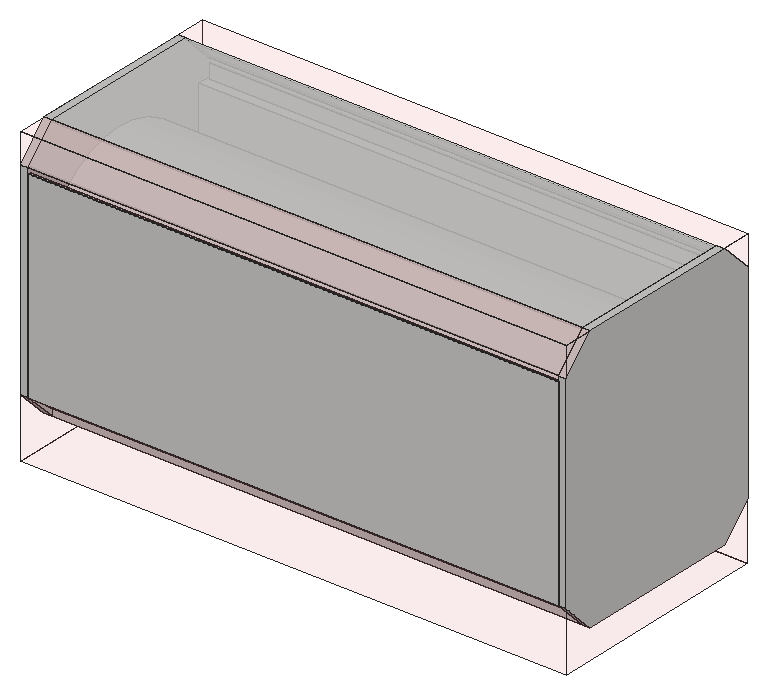
Revit family "Air-Curtain_Customer-Entry_PoweredAire_CED", category Mechanical Equipment, host Face, Revit 2020
Family settings
  Host = Face
  Round Connector Dimension = Use Diameter
  Part Type = Normal
  OmniClass Number = 23.75.35.17.21
  OmniClass Title = Air Curtains
  Cut with Voids When Loaded = No
  Shared = No
  Room Calculation Point = No
Parameters
  Warranty Duration (Years) = 0
  Unit Width Notes = "Other Widths available."  # constant formula
  Unit Width = 3' - 0"
  Unit Weight = 0
  Unit Height = 1' - 3"
  Unit Depth = 1' - 5 1/2"
  URL = "http://www.poweredaire.com/"
  Test Data = ""
  Temperature Rise_Range = "as Specified"
  Standards Conformance = "as Specified"
  Specification = "http://www.arcat.com/sdspecs/htm04/23_34_33pai.htm"
  SpecWizard = ""
  Sound Pressure = "as Specified"
  Sales Information = "http://www.poweredaire.com/contact_us"
  Revision = "R1_2016-08"
  Projection from Host [instance] = 0' - 2"
  Product Properties = ""
  Product Data = "http://www.arcat.com/arcatcos/cos47/arc47623.html"
  Power Rating = 0 W
  Outlet Volume_Range = "as Specified"
  Outlet Velocity_Range = "as Specified"
  Nozzle Width = if(1 = 1, Unit Width - 0' 1", 0' 0")  # 2' - 11"
  Mounting Width = if(1 = 1, Unit Width - 0' 0 15/16", 0' 0")  # 2' - 11 1/16"
  Mounting Height [instance] = 3' - 6"
  Motor RPM = 0
  Motor HP = 0
  Motor Count = 0
  Model = "As Specified"
  Max Height = 0' - 0"
  Manufacturer Website = "http://www.poweredaire.com/"
  Manufacturer Phone - Toll Free = "888-321-2473"
  Manufacturer Phone = "724-588-3305"
  Manufacturer Fax = "724-588-3371"
  Manufacturer Address = "109 Mortensen Rd.  Greenville, PA 16125"
  Manufacturer = "Powered Aire, Inc"
  Maintenance Schedule (Months) = 0
  Keynote = "23 34 33"
  Installation-Fabrication = ""
  Installation Phase = ""
  Include Clearance [instance] = yes
  Heating Element Load = 0 W
  HVAC_Temperature Rise [instance] = 0 °F
  HVAC_Outlet Volume [instance] = 0 CFM
  HVAC_Outlet Velocity Uniformity = 0
  HVAC_Outlet Velocity [instance] = 0 FPM
  Green Building-LEED = "http://www.arcat.com/green/clients/leed_data_47623.html"
  Front Grating Material [instance] = Metal - Steel - PoweredAire - Stainless 304 Perforated
  Frame Finish [instance] = Metal - Steel - PoweredAire - Stainless 304
  Expected Lifespan (Years) = 0
  Electrical_Wattage [instance] = Power Rating + Heating Element Load  # 0 W
  Electrical_Voltage [instance] = 0 V
  Electrical_Phase [instance] = 1
  Electrical_Frequency [instance] = 0 Hz
  Electrical_Amperage [instance] = 0 A
  Drawn By = "Sumex Design, Inc. / Robert S. Weygant, CSI, CDT, SCIP"
  Description = "Powered Aire Air Curtain as Specified"
  Default Elevation = 0' - 0"  # constant formula
  Copyright = "©Arcat Inc."
  Construction Details = "http://www.arcat.com/details/powair/prod3336.html"
  Clearance_Top [instance] = 0' - 0"
  Clearance_Side B [instance] = 0' - 0"
  Clearance_Side A [instance] = 0' - 0"
  Clearance_Intake [instance] = 0' - 0"
  Clearance_Bottom [instance] = 0' - 0"
  Clearance Material [instance] = ARCAT Clearance
  Building Codes = ""
  Available Options [instance] = "as Specified"
  Assembly Code = "D3090400"
Reference planes (in)
  plane 1 "Center (Elevation)": y = 0.13818
  plane 2: z = 0
  plane 3 "Center (Left/Right)": x = 0
  plane 4: y = 7.63818
  plane 5: y = -7.36182
  plane 6: x = -18
  plane 7: x = 18
  plane 8: z = 19.5
  plane 9 "FF": y = -41.86182
  plane 10: z = 2
  plane 11: x = 17.5
  plane 12: x = -17.5
  plane 13: y = 7.63818
  plane 14: y = -7.36182
  plane 15: x = -18
  plane 16: x = 18
  plane 17: z = 19.5
Forms (in)
  Extrusion 1, solid, material "Metal - Steel - PoweredAire - Stainless 304" <- "Frame Finish"
    sketch origin (0, 0, 0) x (0, 1, 0) y (0, 0, 1)
      loop
        line (5.69363, 2) -> (7.63818, 3.94454) -> (7.63818, 17.55546) -> (5.69363, 19.5) -> (-5.41728, 19.5) -> (-7.36182, 17.55546) -> (-7.36182, 3.94454) -> (-5.41728, 2) -> (5.69363, 2)
    from 17.5 to 18
  Extrusion 2, solid, material "Metal - Steel - PoweredAire - Stainless 304" <- "Frame Finish"
    sketch origin (0, 0, -0.5) x (0, 1, 0) y (0, 0, 1)
      loop
        circle (0.13818, 10.9739) r 6.25
      loop
        line (6.63818, 16.89427) -> (6.63818, 5.87829) -> (7.33849, 5.87829) -> (7.33849, 16.89427) -> (6.63818, 16.89427)
      loop
        line (-7.02798, 16.76927) -> (-7.02798, 5.75329) -> (-6.36182, 5.75329) -> (-6.36182, 16.76927) -> (-7.02798, 16.76927)
    from -17.5 to 17.5
  Extrusion 3, solid, material "Metal - Steel - PoweredAire - Stainless 304" <- "Frame Finish"
    sketch origin (0, 0, 0) x (0, 1, 0) y (0, 0, -1)
      loop
        line (5.69363, -2) -> (-5.41728, -2) -> (-7.36182, -3.94454) -> (-7.36182, -17.55546) -> (-5.41728, -19.5) -> (5.69363, -19.5) -> (7.63818, -17.55546) -> (7.63818, -3.94454) -> (5.69363, -2)
    from 17.5 to 18
  Extrusion 4, solid, material "Metal - Steel - PoweredAire - Stainless 304" <- "Frame Finish"
    sketch origin (0, 0, 0) x (0, 1, 0) y (0, 0, 1)
      loop
        line (-5.41728, 2) -> (5.69363, 2) -> (7.63818, 3.94454) -> (7.63818, 17.19454) -> (7.51318, 17.19454) -> (7.51318, 3.99632) -> (5.64186, 2.125) -> (-5.29228, 2.125) -> (-5.29228, 4.06954) -> (-7.23682, 4.06954) -> (-7.23682, 17.19454) -> (-7.36182, 17.19454) -> (-7.36182, 3.94454) -> (-5.41728, 3.94454) -> (-5.41728, 2)
      loop
        line (-6.64819, 3.61034) -> (-5.8702, 2.83235) -> (-5.74472, 2.95783) -> (-6.52271, 3.73583) -> (-6.64819, 3.61034)
    from -17.5 to 17.5
  Extrusion 5, solid, material "Metal - Steel - PoweredAire - Stainless 304 Perforated" <- "Front Grating Material"
    sketch origin (0, 0, 0) x (0, 1, 0) y (0, 0, 1)
      loop
        line (-7.36182, 17.19454) -> (-7.23682, 17.19454) -> (-7.23682, 17.50368) -> (-5.3655, 19.375) -> (5.64186, 19.375) -> (7.51318, 17.50368) -> (7.51318, 17.19454) -> (7.63818, 17.19454) -> (7.63818, 17.55546) -> (5.69363, 19.5) -> (-5.41728, 19.5) -> (-7.36182, 17.55546) -> (-7.36182, 17.19454)
    from -17.5 to 17.5
  Extrusion 6, solid, material "ARCAT Clearance" <- "Clearance Material", visible <- "Include Clearance"
    sketch origin (0, 0, 0) x (0, 1, 0) y (0, 0, 1)
      loop
        line (-7.36182, 19.5) -> (-7.36182, 0) -> (7.63818, 0) -> (7.63818, 19.5) -> (-7.36182, 19.5)
    from -18 to 18
Dimensions and locks (in)
  equal spacing: plane 4, plane 1 "Center (Elevation)", plane 5
  "Unit Height": plane 4 to plane 5
  equal spacing: plane 6, plane 3 "Center (Left/Right)", plane 7
  "Unit Width": plane 6 to plane 7
  "Mounting Height": plane 1 "Center (Elevation)" to plane 9 "FF"
  "Projection from Host": plane 10 to level
  "Unit Depth": plane 8 to plane 10
  locked: plane 6 to plane 12 at 0.5
  locked: plane 11 to plane 7 at 0.5
  "Clearance_Side A": plane 7 to plane 16
  "Clearance_Side B": plane 15 to plane 6
  "Clearance_Top": plane 13 to plane 4
  "Clearance_Bottom": plane 5 to plane 14
  "Clearance_Intake": plane 17 to plane 8
  aligned and locked: plane 2 to host face
  aligned and locked: level to host face
  aligned and locked: plane 7 to Extrusion 1
  aligned and locked: Extrusion 1 to plane 11
  aligned and locked: plane 12 to Extrusion 3
  aligned and locked: Extrusion 3 to plane 6
  aligned and locked: Extrusion 2 to plane 12
  aligned and locked: plane 11 to Extrusion 2
  aligned and locked: plane 11 to Extrusion 4
  aligned and locked: Extrusion 4 to plane 12
  aligned and locked: plane 11 to Extrusion 5
  aligned and locked: Extrusion 5 to plane 12
  aligned and locked: Extrusion 6 sketch curve to plane 17
  aligned and locked: plane 14 to Extrusion 6 sketch curve
  aligned and locked: level to Extrusion 6 sketch curve
  aligned and locked: Extrusion 6 sketch curve to plane 13
  aligned and locked: plane 16 to Extrusion 6
  aligned and locked: Extrusion 6 to plane 15
Automatic sketch dimensions
  host sketch curve to host sketch curve = 8' - 0"  (x2)
  Extrusion 1 sketch curve to plane 5 = 0' - 0"
  Extrusion 1 sketch curve to plane 8 = 0' - 0"
  Extrusion 1 sketch curve to plane 10 = 0' - 0"
  Extrusion 1 sketch curve to plane 4 = 0' - 0"
  plane 5 to Extrusion 1 sketch curve = 0' - 1.94454"  (x2)
  Extrusion 1 sketch curve to plane 4 = 0' - 1.94454"  (x2)
  plane 10 to Extrusion 1 sketch curve = 0' - 1.94454"  (x2)
  Extrusion 1 sketch curve to plane 8 = 0' - 1.94454"  (x2)
  Extrusion 2 sketch curve to plane 1 "Center (Elevation)" = 0' - 0"
  plane 5 to Extrusion 2 sketch curve = 0' - 1"
  plane 5 to Extrusion 2 sketch curve = 0' - 0.33384"
  Extrusion 2 sketch curve to plane 4 = 0' - 1"
  Extrusion 2 sketch curve to plane 4 = 0' - 0.29969"
  plane 10 to Extrusion 2 sketch curve = 0' - 3.37829"
  plane 10 to Extrusion 2 sketch curve = 0' - 3.25329"
  Extrusion 2 sketch curve to plane 8 = 0' - 9.0261"
  Extrusion 2 sketch curve to plane 8 = 0' - 3.23073"
  Extrusion 2 sketch curve to plane 8 = 0' - 3.10573"
  Extrusion 3 sketch curve to plane 5 = 0' - 0"
  Extrusion 3 sketch curve to plane 8 = 0' - 0"
  Extrusion 3 sketch curve to plane 10 = 0' - 0"
  Extrusion 3 sketch curve to plane 4 = 0' - 0"
  plane 5 to Extrusion 3 sketch curve = 0' - 1.94454"  (x2)
  Extrusion 3 sketch curve to plane 4 = 0' - 1.94454"  (x2)
  Extrusion 3 sketch curve to plane 8 = 0' - 1.94454"  (x2)
  plane 10 to Extrusion 3 sketch curve = 0' - 1.94454"  (x2)
  Extrusion 4 sketch curve to plane 5 = 0' - 0"
  Extrusion 4 sketch curve to plane 10 = 0' - 0"
  Extrusion 4 sketch curve to plane 4 = 0' - 0"
  plane 5 to Extrusion 4 sketch curve = 0' - 0 1/8"
  plane 5 to Extrusion 4 sketch curve = 0' - 0.71363"
  Extrusion 4 sketch curve to Extrusion 4 sketch curve = 0' - 0.12548"  (x2)
  Extrusion 4 sketch curve to Extrusion 4 sketch curve = 0' - 0.778"
  Extrusion 4 sketch curve to Extrusion 4 sketch curve = 0' - 0.32744"
  Extrusion 4 sketch curve to Extrusion 4 sketch curve = 0' - 0 1/8"  (x2)
  plane 10 to Extrusion 4 sketch curve = 0' - 0 1/8"
  Extrusion 4 sketch curve to plane 4 = 0' - 1.99632"
  Extrusion 4 sketch curve to Extrusion 4 sketch curve = 0' - 0.05178"  (x2)
  plane 10 to Extrusion 4 sketch curve = 0' - 0.83235"
  plane 10 to Extrusion 4 sketch curve = 0' - 1.94454"
  Extrusion 4 sketch curve to Extrusion 4 sketch curve = 0' - 0.3342"
  Extrusion 4 sketch curve to plane 4 = 0' - 0 1/8"
  Extrusion 4 sketch curve to plane 8 = 0' - 2.30546"  (x2)
  Extrusion 5 sketch curve to plane 5 = 0' - 0"
  Extrusion 5 sketch curve to plane 8 = 0' - 0"
  Extrusion 5 sketch curve to plane 4 = 0' - 0"
  plane 5 to Extrusion 5 sketch curve = 0' - 0 1/8"
  plane 5 to Extrusion 5 sketch curve = 0' - 1.94454"
  Extrusion 5 sketch curve to plane 8 = 0' - 0 1/8"
  Extrusion 5 sketch curve to Extrusion 5 sketch curve = 0' - 0.05178"  (x4)
  Extrusion 5 sketch curve to plane 4 = 0' - 1.99632"
  Extrusion 5 sketch curve to plane 8 = 0' - 1.94454"  (x2)
  Extrusion 5 sketch curve to Extrusion 5 sketch curve = 0' - 0 1/8"
  Extrusion 5 sketch curve to Extrusion 5 sketch curve = 0' - 0.30914"  (x2)
  radius of Extrusion 2 sketch curve = 0' - 6 1/4"
Connectors (in)
  electrical at (0, 7.63818, 10.56954), driven by "Electrical_Phase", driven by "Electrical_Voltage"
    settings: on Extrusion 4, index 1, voltage 0 V, apparent load 0 VA, apparent load phase1 0 VA, apparent load phase2 0 VA, apparent load phase3 0 VA, power factor 1, load classification "Motor", number of poles 1, system type 31, power factor state 1, is connector primary yes, connector utility no, sub classification motor no, connector description ""
